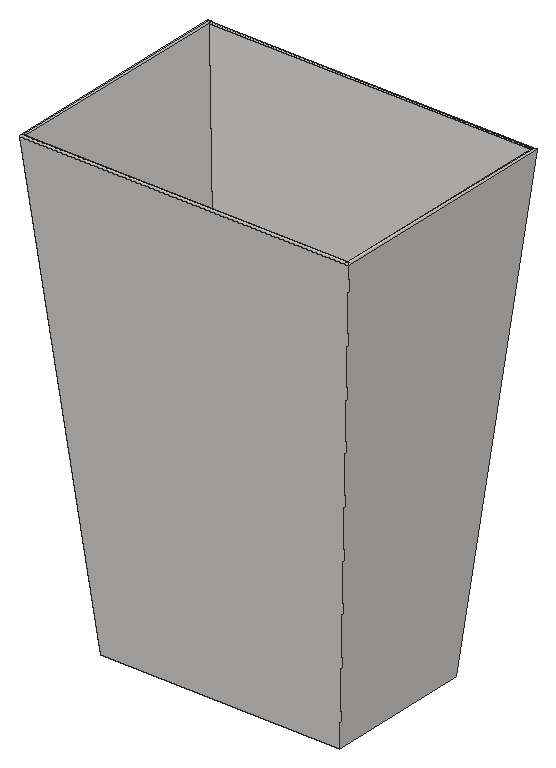
Revit family "PRD_FrankeWS_WstBins_WasteBin_CHRX607,CHRX608", category Furniture, Revit 2018
Family settings
  OmniClass Number = 23.40.20.31.11
  OmniClass Title = Bins
  Work Plane-Based = No
  Always vertical = Yes
  Cut with Voids When Loaded = No
  Shared = No
  Room Calculation Point = No
Parameters (values of type "CHRX607")
  WasteBinMaterial = PRD_AR_StainlessSteel_SatinFinished_Wire
  WarrantyStartDate [instance] = "1900-12-31T23:59:59"
  WarrantyGuarantorParts = "n/a"
  WarrantyGuarantorLabor = "n/a"
  WarrantyDurationUnit = "year"
  WarrantyDurationParts = "n/a"
  WarrantyDurationLabor = "n/a"
  WarrantyDescription = "n/a"
  Version = "1"
  Uniclass2015Version = "Products v1.10"
  Uniclass2015Title = "Waste bins"
  Uniclass2015Code = "Pr_40_50_07_96"
  URL = "www.kwc.com"
  Type = CHRX607 : CHRX607
  TagNumber [instance] = "n/a"
  SustainabilityPerformance = "n/a"
  Style = "Waste bin"
  Size = "440 x 628 x 315 mm"
  Shape = "n/a"
  SerialNumber [instance] = "n/a"
  Revision = "n/a"
  ReplacementCost = "n/a"
  ProductInformation = "https://pim.kwc.com/product/2000057137/attachment/datasheet?locale=en"
  NominalWidth = 440.00 mm
  NominalHeight = 628.00 mm
  NominalDepth = 315.00 mm
  NetWeight = 3.10 kg
  Name = "Waste bin CHRX607"
  NBSTypeID = "n/a"
  NBSReference = "45-35-72/380"
  NBSOfficeMasterTag = "n/a"
  NBSNote = "n/a"
  NBSDescription = "Waste bins"
  NBSCertification = "n/a"
  ModelReference = "CHRX607"
  ModelNumber = "2000057137"
  Model = ModelReference  # "CHRX607"
  Materials = "Stainless steel 1.4301"
  Material = "Stainless steel"
  ManufacturerURL = "www.kwc.com"
  ManufacturerName = "KWC Group AG"  # constant formula
  Manufacturer = ManufacturerName  # "KWC Group AG"
  MainColor = "Stainless steel"
  IntegralAccessories = "n/a"
  InstallationDate [instance] = "1900-12-31T23:59:59"
  IfcExportType = "NOTDEFINED"
  IfcExportAs = "IfcFurnitureType"
  GrossWeight = 3.10 kg
  Grade = "n/a"
  Form = "Freestanding"
  FinishAndColour = "Stainless steel, satin finished"
  Finish = "Satin finished"
  Features = "stainless steel, 2.00 mm, satin finished, wall mounting, 440x628x315 mm (WxHxD)"
  ExpectedLife = "n/a"
  DurationUnit = "year"
  Description = "Waste bin free standing or for wall mounting, stainless steel, surface satin finished, wire thickness 2 mm, square perforated fascia pattern, incl. stainless steel screws and dowels."
  CreatedOn = "12/2018"  # constant formula
  Constituents = "n/a"
  Color = "Stainless steel"
  CodePerformance = "n/a"
  Category = "Pr_40_50_07_96, Waste bins"
  BarCode [instance] = "n/a"
  BIMObjectName = "PRD_AR_WasteBins_WasteBin_CHRX607"
  Author = "Archispace"  # constant formula
  AssetType = "Movable"
  AssetIdentifier [instance] = "n/a"
  AccessibilityPerformance = "n/a"
Types (2, lengths in mm): name | Type | Size | ProductInformation | NominalWidth | NominalHeight | NominalDepth | NetWeight | Name | ModelReference | ModelNumber | Model | GrossWeight | Features | BIMObjectName
  CHRX607 | CHRX607 : CHRX607 | "440 x 628 x 315 mm" | "https://pim.kwc.com/product/2000057137/attachment/datasheet?locale=en" | 440.00 | 628.00 | 315.00 | 3.10 kg | "Waste bin CHRX607" | "CHRX607" | "2000057137" | "CHRX607" | 3.10 kg | "stainless steel, 2.00 mm, satin finished, wall mounting, 440x628x315 mm (WxHxD)" | "PRD_AR_WasteBins_WasteBin_CHRX607"
  CHRX608 | CHRX608 : CHRX608 | "350 x 505 x 252 mm" | "https://pim.kwc.com/product/2000057138/attachment/datasheet?locale=en" | 350.00 | 505.00 | 252.00 | 1.70 kg | "Waste bin CHRX608" | "CHRX608" | "2000057138" | "CHRX608" | 2.00 kg | "stainless steel, 2.00 mm, satin finished, wall mounting, 350x505x252 mm (WxHxD)" | "PRD_AR_WasteBins_WasteBin_CHRX608"
Reference planes
  plane 1 "Center (Front/Back)": y = 0
  plane 2: z = 0
  plane 3 "Center (Left/Right)": x = 0
Dimensions and locks
  aligned and locked: level to plane 2
Nested families
  nested 1: "CHRX607" at (0, 0, 0), type <- "Type", type "CHRX607"
    with WarrantyStartDate "1900-12-31T23:59:59", TagNumber "n/a", SerialNumber "n/a", InstallationDate "1900-12-31T23:59:59", BarCode "n/a", AssetIdentifier "n/a"
Definition of nested family "CHRX607"
  Parameters (values of type "CHRX607")
    WasteBinMaterial = none
    WarrantyStartDate [instance] = "1900-12-31T23:59:59"
    WarrantyGuarantorParts = "n/a"
    WarrantyGuarantorLabor = "n/a"
    WarrantyDurationUnit = "year"
    WarrantyDurationParts = "n/a"
    WarrantyDurationLabor = "n/a"
    WarrantyDescription = "n/a"
    Version = "1"
    Uniclass2015Version = "Products v1.5"
    Uniclass2015Title = "Waste bins"
    Uniclass2015Code = "Pr_40_50_07_96"
    URL = "www.kwc.com"
    TagNumber [instance] = "n/a"
    SustainabilityPerformance = "n/a"
    Style = "Waste bin"
    Size = "440 x 628 x 315 mm"
    Shape = "n/a"
    SerialNumber [instance] = "n/a"
    Revision = "n/a"
    ReplacementCost = "n/a"
    ProductInformation = "https://pim.kwc.com/product/2000057137/attachment/datasheet?locale=en"
    OverallWidth = 440.00 mm
    OverallDepth = 315.00 mm
    NominalWidth = 440.00 mm
    NominalLength = 440.00 mm
    NominalHeight = 628.00 mm
    NominalDepth = 315.00 mm
    NetWeight = 3.10 kg
    Name = "Waste bin CHRX607"
    NBSTypeID = "n/a"
    NBSReference = "45-35-72/380"
    NBSOfficeMasterTag = "n/a"
    NBSNote = "n/a"
    NBSDescription = "Waste bins"
    NBSCertification = "n/a"
    ModelReference = "CHRX607"
    ModelNumber = "2000057137"
    Model = ModelReference  # "CHRX607"
    Materials = "Stainless steel 1.4301"
    Material = "Stainless steel"
    ManufacturerURL = "www.kwc.com"
    ManufacturerName = "KWC Group AG"  # constant formula
    Manufacturer = ManufacturerName  # "KWC Group AG"
    MainColor = "Stainless steel"
    IntegralAccessories = "n/a"
    InstallationDate [instance] = "1900-12-31T23:59:59"
    IfcExportType = "NOTDEFINED"
    IfcExportAs = "IfcFurnitureType"
    GrossWeight = 3.10 kg
    Grade = "n/a"
    Form = "Freestanding"
    FinishAndColour = "Stainless steel, satin finished"
    Finish = "Satin finished"
    Features = "stainless steel, 2.00 mm, satin finished, wall mounting, 440x628x315 mm (WxHxD)"
    ExpectedLife = "n/a"
    DurationUnit = "year"
    Description = "Waste bin free standing or for wall mounting, stainless steel, surface satin finished, wire thickness 2 mm, square perforated fascia pattern, incl. stainless steel screws and dowels."
    Constituents = "n/a"
    Color = "Stainless steel"
    CodePerformance = "n/a"
    Category = "Pr_40_50_07_96, Waste bins"
    BarCode [instance] = "n/a"
    BIMObjectName = "PRD_AR_WasteBins_WasteBin_CHRX607"
    Author = "Archispace"  # constant formula
    AssetType = "Movable"
    AssetIdentifier [instance] = "n/a"
    AccessibilityPerformance = "n/a"
  Reference planes
    plane 1 "Center (Front/Back)": y = 0
    plane 2: z = 0
    plane 3 "Center (Left/Right)": x = 0
  Forms (mm)
    Sweep 1, solid, material <- "WasteBinMaterial", detail levels fine
      path origin (0, 0, 0) x (1, 0, 0) y (0, 1, 0)
        loop
          line (-220, -157.5) -> (220, -157.5) -> (220, 157.5) -> (-220, 157.5) -> (-220, -157.5)
      profile origin (-220, 0, 0) x (-1, 0, 0) y (0, 0, 1)
        loop
          line (-60, 0) -> (-0.209, 625.81)
          arc (-0.209, 625.81) -> (-0.72, 627.345) -> (-2.2, 628) r 2
          arc (-2.2, 628) -> (-3.545, 627.48) -> (-4.191, 626.19) r 2
          line (-4.191, 626.19) -> (-64.018, 0) -> (-60, 0)
    Extrusion 2, solid, material <- "WasteBinMaterial", detail levels fine
      sketch origin (0, 0, 0) x (1, 0, 0) y (0, 1, 0)
        loop
          line (-160, 97.5) -> (-160, -97.5) -> (160, -97.5) -> (160, 97.5) -> (-160, 97.5)
      from 0 to 4
    Blend 3, solid, material <- "WasteBinMaterial", detail levels medium
      base sketch origin (0, 0, 0) x (1, 0, 0) y (0, 1, 0)
        loop
          line (-160, -97.5) -> (160, -97.5) -> (160, 97.5) -> (-160, 97.5) -> (-160, -97.5)
      top sketch origin (0, 0, 0) x (1, 0, 0) y (0, 1, 0)
        loop
          line (-219.827, -157.327) -> (219.827, -157.327) -> (219.827, 157.327) -> (-219.827, 157.327) -> (-219.827, -157.327)
      from 0 to 628
    Extrusion 4, solid, material <- "WasteBinMaterial", detail levels coarse
      sketch origin (0, 0, 0) x (1, 0, 0) y (0, 1, 0)
        loop
          line (-219.827, 157.327) -> (-219.827, -157.327) -> (219.827, -157.327) -> (219.827, 157.327) -> (-219.827, 157.327)
      from 0 to 628
  Cuts and joins
    joined: Sweep 1, Extrusion 2
  Dimensions and locks
    equal spacing: Sweep 1 sketch curve, plane 3 "Center (Left/Right)", Sweep 1 sketch curve
    "OverallWidth": Sweep 1 sketch curve to Sweep 1 sketch curve
    equal spacing: Sweep 1 sketch curve, plane 1 "Center (Front/Back)", Sweep 1 sketch curve
    "OverallDepth": Sweep 1 sketch curve to Sweep 1 sketch curve
    aligned and locked: level to plane 2
  Automatic sketch dimensions
    Sweep 1 sketch curve to Sweep 1 sketch curve = 0.00 mm  (x2)
    Sweep 1 sketch curve to level = 0.00 mm
    profile plane to Sweep 1 sketch curve = 64.018 mm
    Sweep 1 sketch curve to Sweep 1 sketch curve = 4.018 mm
    profile plane to Sweep 1 sketch curve = 4.191 mm
    Sweep 1 sketch curve to Sweep 1 sketch curve = 1.991 mm
    profile plane to Sweep 1 sketch curve = 0.209 mm
    level to Sweep 1 sketch curve = 625.81 mm
    Sweep 1 sketch curve to Sweep 1 sketch curve = 0.19 mm
    Extrusion 2 sketch curve to plane 3 "Center (Left/Right)" = 160.00 mm
    plane 3 "Center (Left/Right)" to Extrusion 2 sketch curve = 160.00 mm
    plane 1 "Center (Front/Back)" to Extrusion 2 sketch curve = 97.50 mm
    Extrusion 2 sketch curve to plane 1 "Center (Front/Back)" = 97.50 mm
    Blend 3 sketch curve to plane 3 "Center (Left/Right)" = 160.00 mm
    plane 3 "Center (Left/Right)" to Blend 3 sketch curve = 160.00 mm
    plane 1 "Center (Front/Back)" to Blend 3 sketch curve = 97.50 mm
    Blend 3 sketch curve to plane 1 "Center (Front/Back)" = 97.50 mm
    Blend 3 sketch curve to plane 3 "Center (Left/Right)" = 219.827 mm
    plane 3 "Center (Left/Right)" to Blend 3 sketch curve = 219.827 mm
    plane 1 "Center (Front/Back)" to Blend 3 sketch curve = 157.327 mm
    Blend 3 sketch curve to plane 1 "Center (Front/Back)" = 157.327 mm
    Extrusion 4 sketch curve to plane 3 "Center (Left/Right)" = 219.827 mm
    plane 3 "Center (Left/Right)" to Extrusion 4 sketch curve = 219.827 mm
    plane 1 "Center (Front/Back)" to Extrusion 4 sketch curve = 157.327 mm
    Extrusion 4 sketch curve to plane 1 "Center (Front/Back)" = 157.327 mm
